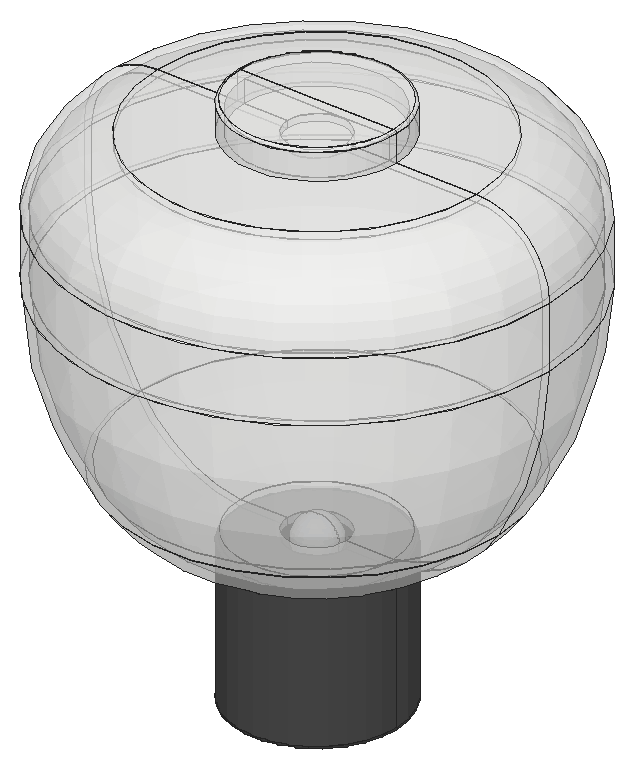
Revit family "RIFLESSO-Table", category Lighting Fixtures, Revit 2020
Family settings
  Round Connector Dimension = Use Diameter
  Part Type = Normal
  OmniClass Number = 23.80.70.00
  OmniClass Title = Lighting
  Work Plane-Based = Yes
  Always vertical = Yes
  Cut with Voids When Loaded = No
  Light Source = No
  Shared = No
  Room Calculation Point = No
Parameters (values of type "RIFLESSO LT3")
  World Region [instance] = yes
  Width = 32 mm
  Voltage Control [instance] = if(World Region, 240 VA, 110 VA)  # 240 VA
  Voltage [instance] = if(World Region, 240 V, 110 V)  # 240 V
  USA and Canada market contacts = "ip@vistosi.it, +39.344.180.73.87"
  USA Region [instance] = not(World Region)  # no
  URL Product Page = "https://vistosi.it/glass-lamps-products/rifle-lt/?lang=en&sku=RIFLELT3--005RAVAATRL241CE"
  URL = "https://vistosi.com"
  Type Comments = "Studio Debonademeo"
  Region [instance] = if(World Region, "Europe", "USA")  # "Europe"
  Product data url = ""
  Model = "RIFLESSO"
  Material Bulb [instance] = none
  Manufacturer country = "Italy"
  Manufacturer = "Vistosi"
  Light Source [instance] = Bulb : 2700 K 13 W 37 V 2000 lm DIM2 Phase Cut
  Lampshade Type = RIFLESSO_Lampshade : RIFLESSO LT3
  Glass finish_type1 [instance] = none
  Frequency [instance] = if(World Region, 50 Hz, 60 Hz)  # 50 Hz
  Frame finish [instance] = none
  Diametr Bulb = 15 mm
  Designer = "Studio Debonademeo"
  Description = "TABLE LAMP"
  Depth = 0 mm
  Default Elevation = 1219.2 mm
  Country = "Europe"
  Contact = "T. +39 041 5903480 Email: vistosi@vistosi.it"
  BIMobject category = ""
Types (3, lengths in mm): name | Lampshade Type
  RIFLESSO LT2 | RIFLESSO_Lampshade : RIFLESSO LT2
  RIFLESSO LT1 | RIFLESSO_Lampshade : RIFLESSO LT1
  RIFLESSO LT3 | RIFLESSO_Lampshade : RIFLESSO LT3
Reference planes
  plane 1 "Light Source Axis (F/B)": y = 0
  plane 2: z = 0
  plane 3 "Light Source Axis (L/R)": x = 0
  plane 4 "Light Source Elevation": z = 480
Forms (mm)
  Extrusion 1, solid
    sketch origin (0, 0, 0) x (1, 0, 0) y (0, 1, 0)
      loop
        circle (0, 0) r 4
    from 0 to 5
Lines and regions (mm)
  Filled region 1, type "MODELLO_2D_JUBE LT     G  -.dwg-1", in view "Front"
    outline origin (0, 0, 0) x (1, 0, 0) y (0, 0, 1)
      loop
        spline (3720.26, -1101.511) -> (3720.266, -1101) -> (3720.276, -1100.445) -> (3720.279, -1099.863) -> (3720.264, -1099.271) -> (3720.219, -1098.685) -> (3720.134, -1098.124) -> (3719.997, -1097.602) -> (3719.796, -1097.138) -> (3719.522, -1096.748) -> (3719.162, -1096.448) -> (3718.706, -1096.256) -> (3718.142, -1096.188)
        spline (3718.142, -1096.188) -> (3717.768, -1096.231) -> (3717.446, -1096.352) -> (3717.171, -1096.544) -> (3716.94, -1096.798) -> (3716.749, -1097.104) -> (3716.595, -1097.454) -> (3716.475, -1097.84) -> (3716.384, -1098.251) -> (3716.319, -1098.68) -> (3716.277, -1099.117) -> (3716.255, -1099.556) -> (3716.249, -1099.987)
        line (3716.249, -1099.987) -> (3716.249, -1104.121) -> (3720.26, -1104.121) -> (3720.26, -1101.511)
Dimensions and locks
  locked: nested 1 to plane 2 at 100
  aligned and locked: level to plane 2
  aligned and locked: plane 3 "Light Source Axis (L/R)" to nested 1
  aligned and locked: plane 1 "Light Source Axis (F/B)" to nested 1
Nested families
  nested 1: "Bulb" at (0, 0, -1400), type <- "Light Source", Diameter bulb <- "Diametr Bulb", Material <- "Material Bulb", type "2700 K 13 W 37 V 2000 lm DIM2 Phase Cut"
    with Material none, Diameter bulb 15 mm
  nested 2: "RIFLESSO_Lampshade" at (0, 0, 0), type <- "Lampshade Type", Frame finish <- "Frame finish", Glass finish <- "Glass finish_type1", type "RIFLESSO LT3"
Connectors
  electrical at (0, 0, 0), driven by "Voltage", driven by "Voltage Control"
    settings: on Extrusion 1, index 1, voltage 240 V, apparent load 0 VA, apparent load phase1 240 VA, apparent load phase2 0 VA, apparent load phase3 0 VA, power factor 1, load classification "Other", number of poles 1, system type 31, power factor state 1, is connector primary yes, connector utility no, sub classification motor no, connector description ""
Definition of nested family "Bulb"
  Parameters (values of type "3000 K 13 W 37 V 2000 lm DIM3 0-10V, Push")
    Wattage = 13.4642 W
    built-in parameter 1150110 = 1 (stored number, unit not read)
    USA and Canada market contacts = ""
    built-in parameter 1114217 = 1 (stored number, unit not read)
    built-in parameter 1150109 = 1 (stored number, unit not read)
    built-in parameter 1150134 = (empty or 0)
    built-in parameter 1150113 = 1 (stored number, unit not read)
    Material [instance] = none
    Diameter bulb [instance] = 15 mm
    Lumens = 2000 lm
    built-in parameter 1150115 = 1 (stored number, unit not read)
    built-in parameter 1150105 = 159.15 (stored number, unit not read)
    Light Source Symbol Size = 30 mm
    built-in parameter 1150137 = (empty or 0)
    built-in parameter 1150139 = (empty or 0)
    built-in parameter 1150112 = 1 (stored number, unit not read)
    built-in parameter 1150114 = 1 (stored number, unit not read)
    built-in parameter 1150132 = 2
    built-in parameter 1150102 = (empty or 0)
    built-in parameter 1150138 = (empty or 0)
    built-in parameter 1150107 = 3000 (stored number, unit not read)
    built-in parameter 1150106 = 1.5915 (stored number, unit not read)
    built-in parameter 1150104 = 13.8 (stored number, unit not read)
    Dimming Lamp Color Temperature Shift = (empty or 0)
    Default Elevation = 1219.2 mm
    Color Filter = 16777215
    built-in parameter 1114218 = 1 (stored number, unit not read)
    built-in parameter 1150133 = 10 (stored number, unit not read)
  Types (4, lengths in mm): name | built-in parameter 1150107
    2700 K 13 W 37 V 2000 lm DIM2 Phase Cut | 2700 (stored number, unit not read)
    2700 K 13 W 37 V 2000 lm DIM3 0-10V, Push | 2700 (stored number, unit not read)
    3000 K 13 W 37 V 2000 lm DIM2 Phase Cut | 3000 (stored number, unit not read)
    3000 K 13 W 37 V 2000 lm DIM3 0-10V, Push | 3000 (stored number, unit not read)
  Reference planes
    plane 1 "Light Source Axis (F/B)": y = 0
    plane 2: z = 0
    plane 3 "Light Source Axis (L/R)": x = 0
    plane 4 "Light Source Elevation": z = 1500
  Forms (mm)
    Revolve 1, solid, material <- "Material"
      sketch origin (0, 0, 0) x (1, 0, 0) y (0, 0, 1)
        loop
          arc (0, 1515) -> (-15, 1500) -> (0, 1485) r 15
          line (0, 1485) -> (0, 1515)
        axis (0, 1515) -> (0, 1485)
      angle from 0 to 360
  Dimensions and locks
    "Diameter bulb": radius of Revolve 1 sketch curve
    aligned and locked: plane 3 "Light Source Axis (L/R)" to imposter light
    aligned and locked: plane 1 "Light Source Axis (F/B)" to imposter light
    aligned and locked: plane 4 "Light Source Elevation" to imposter light
    aligned and locked: level to plane 2
  Automatic sketch dimensions
    Revolve 1 sketch curve to plane 3 "Light Source Axis (L/R)" = 0 mm  (x2)
    Revolve 1 sketch curve to plane 4 "Light Source Elevation" = 0 mm
    Revolve 1 sketch curve to Revolve 1 sketch curve = 5 mm  (x2)
Definition of nested family "RIFLESSO_Lampshade"
  Parameters (values of type "RIFLESSO LT3")
    RIFLESSO LT3 = yes
    RIFLESSO LT2 = no
    RIFLESSO LT1 = no
    Glass finish [instance] = none
    Frame finish [instance] = none
    Height = 370 mm
    Description = "Lampshade"  # constant formula
    Default Elevation = 1000 mm
  Types (3, lengths in mm): name | RIFLESSO LT3 | RIFLESSO LT2 | RIFLESSO LT1 | Height
    RIFLESSO LT1 | no | no | yes | 350
    RIFLESSO LT2 | no | yes | no | 450
    RIFLESSO LT3 | yes | no | no | 370
  Reference planes
    plane 1 "Center (Front/Back)": y = 0
    plane 2: z = 0
    plane 3 "Center (Left/Right)": x = 0
    plane 4: x = -55
    plane 5: x = 55
    plane 6: z = 370
  Forms (mm)
    Extrusion 1, solid
      sketch origin (0, 0, 0) x (1, 0, 0) y (0, 1, 0)
        loop
          line (-1219.2, 1219.2) -> (-1219.2, -1219.2) -> (1219.2, -1219.2) -> (1219.2, 1219.2) -> (-1219.2, 1219.2)
      from 0 to -304.8
    Revolve 2, solid, material <- "Frame finish"
      sketch origin (-3.594, 0, 0.043) x (1, 0, 0) y (0, 0, 1)
        loop
          arc (-49.406, 99.957) -> (-50.82, 99.371) -> (-51.406, 97.957) r 2
          line (-51.406, 97.957) -> (-51.406, 1.957)
          arc (-51.406, 1.957) -> (-50.82, 0.543) -> (-49.406, -0.043) r 2
          line (-49.406, -0.043) -> (3.594, -0.043) -> (3.594, 4.957) -> (-46.406, 4.957) -> (-46.406, 94.957) -> (-16.406, 94.957) -> (-16.406, 99.957) -> (-49.406, 99.957)
        axis (3.594, -0.043) -> (3.594, 99.957)
      angle from 0 to 360
    Revolve 3, solid, material <- "Frame finish"
      sketch origin (-3.594, 0, 0.043) x (1, 0, 0) y (0, 0, 1)
        loop
          arc (-49.406, 369.957) -> (-50.82, 369.371) -> (-51.406, 367.957) r 2
          line (-51.406, 367.957) -> (-51.406, 349.957) -> (-46.406, 349.957) -> (-46.406, 364.957) -> (3.594, 364.957) -> (3.594, 369.957) -> (-49.406, 369.957)
        axis (3.594, 349.957) -> (3.594, 369.957)
      angle from 0 to 360
    Revolve 4, solid, material <- "Glass finish", visible <- "RIFLESSO LT1"
      sketch origin (-3.594, 0, 0.043) x (1, 0, 0) y (0, 0, 1)
        loop
          arc (-49.406, 329.957) -> (-92.95, 317.824) -> (-133.428, 297.704) r 238.86
          arc (-133.428, 297.704) -> (-166.272, 262.228) -> (-176.406, 214.957) r 91.333
          arc (-176.406, 214.957) -> (-166.272, 167.686) -> (-133.428, 132.21) r 91.333
          arc (-133.428, 132.21) -> (-92.95, 112.091) -> (-49.406, 99.957) r 238.86
          line (-49.406, 99.957) -> (-16.406, 99.957) -> (-16.406, 104.957) -> (-48.96, 104.957)
          arc (-48.96, 104.957) -> (-91.364, 116.838) -> (-130.789, 136.457) r 233.86
          arc (-130.789, 136.457) -> (-161.9, 170.117) -> (-171.398, 214.957) r 86.333
          arc (-171.398, 214.957) -> (-161.9, 259.798) -> (-130.789, 293.457) r 86.333
          arc (-130.789, 293.457) -> (-91.364, 313.077) -> (-48.96, 324.957) r 233.86
          line (-48.96, 324.957) -> (-16.406, 324.957) -> (-16.406, 329.957) -> (-49.406, 329.957)
        axis (3.594, 99.957) -> (3.594, 329.957)
      angle from 0 to 360
    Revolve 5, solid, material <- "Glass finish", visible <- "RIFLESSO LT2"
      sketch origin (-3.594, 0, 0.043) x (1, 0, 0) y (0, 0, 1)
        loop
          line (-48.061, 99.957) -> (-16.406, 99.957) -> (-16.406, 104.957) -> (-48.061, 104.957)
          arc (-48.061, 104.957) -> (-86.74, 117.718) -> (-110.232, 150.989) r 65
          arc (-110.232, 150.989) -> (-131.406, 264.894) -> (-110.277, 378.808) r 317.301
          arc (-110.277, 378.808) -> (-84.656, 412.27) -> (-44.466, 424.957) r 70
          line (-44.466, 424.957) -> (-16.406, 424.957) -> (-16.406, 429.957) -> (-44.466, 429.957)
          arc (-44.466, 429.957) -> (-87.506, 416.378) -> (-114.961, 380.558) r 75
          arc (-114.961, 380.558) -> (-136.406, 264.957) -> (-114.961, 149.357) r 322.301
          arc (-114.961, 149.357) -> (-89.642, 113.645) -> (-48.061, 99.957) r 70
        axis (3.594, 99.957) -> (3.594, 429.957)
      angle from 0 to 360
    Revolve 6, solid, material <- "Glass finish", visible <- "RIFLESSO LT3"
      sketch origin (-3.594, 0, 0.043) x (1, 0, 0) y (0, 0, 1)
        loop
          line (-49.406, 99.957) -> (-16.406, 99.957) -> (-16.406, 104.957) -> (-49.092, 104.957)
          arc (-49.092, 104.957) -> (-87.9, 118.845) -> (-117.302, 147.731) r 95.967
          arc (-117.302, 147.731) -> (-142.134, 200.719) -> (-151.406, 258.497) r 210.318
          line (-151.406, 258.497) -> (-151.406, 299.957)
          arc (-151.406, 299.957) -> (-138.226, 331.777) -> (-106.406, 344.957) r 45
          line (-106.406, 344.957) -> (-16.406, 344.957) -> (-16.406, 349.957) -> (-106.406, 349.957)
          arc (-106.406, 349.957) -> (-141.762, 335.313) -> (-156.406, 299.957) r 50
          line (-156.406, 299.957) -> (-156.406, 258.448)
          arc (-156.406, 258.448) -> (-146.92, 199.271) -> (-121.49, 145) r 215.318
          arc (-121.49, 145) -> (-90.419, 114.524) -> (-49.406, 99.957) r 100.967
        axis (3.594, 99.957) -> (3.594, 349.957)
      angle from 0 to 360
  Lines and regions (mm)
    Masking region 1, not visible
      outline origin (0, 0, 0) x (1, 0, 0) y (0, 1, 0)
        loop
          circle (0, 0) r 225
    Masking region 2, not visible
      outline origin (0, 0, 0) x (1, 0, 0) y (0, 1, 0)
        loop
          circle (0, 0) r 172.6
    Masking region 3
      outline origin (0, 0, 0) x (1, 0, 0) y (0, 1, 0)
        loop
          circle (0, 0) r 80
  Dimensions and locks
    locked: plane 6 to Revolve 3 sketch curve at 20
    locked: Revolve 3 sketch curve to Revolve 3 sketch curve at 5
    locked: plane 6 to Revolve 3 sketch curve at 5
    "Height": plane 6 to plane 2
    Revolve 4 sketch curve to Revolve 4 sketch curve to level = 230 mm locked, 100 mm locked
    locked: Revolve 4 sketch curve to Revolve 4 sketch curve at 180
    locked: Revolve 5 sketch curve to Revolve 5 sketch curve at 140
    Revolve 5 sketch curve to Revolve 5 sketch curve to plane 2 = 330 mm locked, 100 mm locked
    Revolve 6 sketch curve to Revolve 6 sketch curve to plane 2 = 250 mm locked, 100 mm locked
    locked: Revolve 6 sketch curve to Revolve 6 sketch curve at 160
    radius of Revolve 5 sketch curve = 75 mm
    aligned and locked: plane 2 to Extrusion 1
    aligned and locked: level to Extrusion 1
    aligned and locked: Revolve 3 sketch curve to plane 6
    aligned and locked: Revolve 3 sketch curve to plane 4
  Automatic sketch dimensions
    Extrusion 1 sketch curve to Extrusion 1 sketch curve = 2438.4 mm  (x2)
    plane 1 "Center (Front/Back)" to Masking region 1 sketch curve = 0 mm
    Masking region 1 sketch curve to plane 3 "Center (Left/Right)" = 0 mm
    plane 1 "Center (Front/Back)" to Masking region 2 sketch curve = 0 mm
    Masking region 2 sketch curve to plane 3 "Center (Left/Right)" = 0 mm
    plane 1 "Center (Front/Back)" to Masking region 3 sketch curve = 0 mm
    Masking region 3 sketch curve to plane 3 "Center (Left/Right)" = 0 mm
    Revolve 2 sketch curve to plane 4 = 0 mm
    Revolve 2 sketch curve to level = 0 mm
    Revolve 2 sketch curve to plane 3 "Center (Left/Right)" = 0 mm  (x2)
    Revolve 2 sketch curve to Revolve 2 sketch curve = 2 mm
    plane 4 to Revolve 2 sketch curve = 2 mm
    Revolve 2 sketch curve to Revolve 2 sketch curve = 3 mm  (x2)
    Revolve 2 sketch curve to plane 3 "Center (Left/Right)" = 20 mm
    Revolve 2 sketch curve to Revolve 2 sketch curve = 5 mm
    Revolve 2 sketch curve to Revolve 2 sketch curve = 90 mm
    Revolve 2 sketch curve to Revolve 2 sketch curve = 74.957 mm
    plane 6 to Revolve 2 sketch curve = 105.043 mm
    Revolve 3 sketch curve to plane 3 "Center (Left/Right)" = 0 mm  (x2)
    plane 4 to Revolve 3 sketch curve = 2 mm
    Revolve 3 sketch curve to level = 74.957 mm
    Revolve 3 sketch curve to Revolve 3 sketch curve = 105.043 mm
    Revolve 4 sketch curve to Revolve 4 sketch curve = 0 mm  (x13)
    Revolve 4 sketch curve to plane 3 "Center (Left/Right)" = 0 mm
    Revolve 4 sketch curve to plane 3 "Center (Left/Right)" = 10.944 mm  (x2)
    Revolve 4 sketch curve to Revolve 4 sketch curve = 9.056 mm  (x2)
    plane 4 to Revolve 4 sketch curve = 2.446 mm  (x2)
    plane 4 to Revolve 4 sketch curve = 2 mm  (x2)
    Revolve 4 sketch curve to Revolve 4 sketch curve = 5.129 mm  (x2)
    Revolve 4 sketch curve to Revolve 4 sketch curve = 5 mm  (x2)
    Revolve 4 sketch curve to Revolve 4 sketch curve = 104.827 mm
    Revolve 4 sketch curve to Revolve 4 sketch curve = 10.347 mm
    Revolve 4 sketch curve to level = 74.957 mm
    plane 6 to Revolve 4 sketch curve = 105.043 mm
    Revolve 5 sketch curve to Revolve 5 sketch curve = 0 mm  (x7)
    Revolve 5 sketch curve to plane 3 "Center (Left/Right)" = 0 mm
    Revolve 5 sketch curve to plane 3 "Center (Left/Right)" = 20 mm  (x2)
    plane 4 to Revolve 5 sketch curve = 6.94 mm
    plane 4 to Revolve 5 sketch curve = 3.345 mm
    Revolve 5 sketch curve to Revolve 5 sketch curve = 5 mm  (x2)
    Revolve 5 sketch curve to plane 4 = 58.826 mm
    Revolve 5 sketch curve to plane 4 = 58.871 mm
    Revolve 5 sketch curve to Revolve 5 sketch curve = 4.729 mm
    Revolve 5 sketch curve to level = 74.957 mm
    plane 6 to Revolve 5 sketch curve = 105.043 mm
    Revolve 5 sketch curve to Revolve 5 sketch curve = 65 mm
    Revolve 6 sketch curve to Revolve 6 sketch curve = 0 mm  (x7)
    Revolve 6 sketch curve to plane 3 "Center (Left/Right)" = 0 mm
    Revolve 6 sketch curve to plane 3 "Center (Left/Right)" = 20 mm  (x2)
    plane 4 to Revolve 6 sketch curve = 14.492 mm
    plane 4 to Revolve 6 sketch curve = 2 mm
    Revolve 6 sketch curve to Revolve 6 sketch curve = 45 mm
    Revolve 6 sketch curve to plane 5 = 0.278 mm
    Revolve 6 sketch curve to Revolve 6 sketch curve = 41.46 mm
    Revolve 6 sketch curve to Revolve 6 sketch curve = 0.049 mm
    Revolve 6 sketch curve to Revolve 6 sketch curve = 62.459 mm
    Revolve 6 sketch curve to Revolve 6 sketch curve = 5 mm  (x2)
    plane 4 to Revolve 6 sketch curve = 2.314 mm
    Revolve 6 sketch curve to level = 74.957 mm
    plane 6 to Revolve 6 sketch curve = 105.043 mm
    radius of Masking region 1 sketch curve = 225 mm
    radius of Masking region 2 sketch curve = 172.6 mm
    radius of Masking region 3 sketch curve = 80 mm
